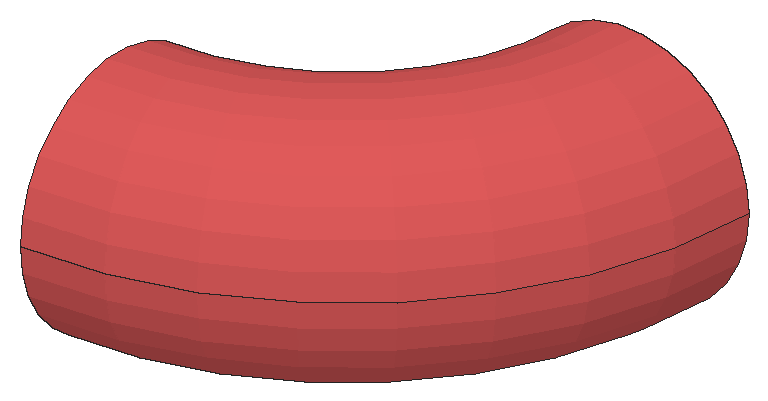
Revit family "Smu_CurvaLonga", category Pipe Fittings, Revit 2025
Family settings
  Round Connector Dimension = Use Diameter
  Part Type = Elbow
  Work Plane-Based = No
  Always vertical = Yes
  Cut with Voids When Loaded = No
  Shared = Yes
Parameters
  Nominal Diameter [instance] = 100.0 mm
  Material_Conexao [instance] = FoFo_SMU
  Manufacturer = "SGC"
  Loss Method = Not Defined
  Tabela [instance] = "Smu_CurvaLonga"
  Description = "Curva Longa sistema SMU"
  Default Elevation = 0.0 mm
  Curva_Tipo [instance] = "\"Longa\""
  Corpo_T [instance] = size_lookup(Tabela, "Corpo_T", "Longa", Nominal Diameter, Angle)  # "Longa"
  Corpo_R [instance] = if(Corpo_A = 90.00°, Corpo_L, Corpo_L / tan(A2))  # 278.04 mm
  Corpo_L [instance] = size_lookup(Tabela, "Corpo_L", 290.0 mm, Nominal Diameter, Angle)  # 268.5 mm
  Corpo_A [instance] = size_lookup(Tabela, "Corpo_A", 88.00°, Nominal Diameter, Angle)  # 88.00°
  Angle [instance] = 88.00°
  A2 [instance] = Angle / 2  # 44.00°
Reference planes
  plane 1 "Center (Front/Back)": y = 0
  plane 2: z = 0
  plane 3 "Center (Left/Right)": x = -120
  plane 4: x = -388.5
  plane 5: y = 278.04
Forms (mm)
  Sweep 1, solid, material "FoFo_SMU" <- "Material_Conexao"
    path origin (0, 0, 0) x (1, 0, 0) y (0, 1, 0)
      loop
        arc (-388.5, 0) -> (-195.357, 78.035) -> (-110.629, 268.336) r 278.04
    profile origin (-195.357, 78.035, 0) x (-0.694658, 0.71934, 0) y (0, 0, 1)
      loop
        circle (0, 0) r 116.4
Lines and regions (mm)
  reference lines
    curve 1: line (-388.5, 0, 0) -> (-120, 0, 0)
    curve 2: line (-120, 0, 0) -> (-110.629, 268.336, 0)
Dimensions and locks
  "Corpo_L": plane 4 to plane 3 "Center (Left/Right)"
  "Corpo_R": plane 5 to plane 1 "Center (Front/Back)"
  "Corpo_L": curve 1 to curve 1
  "Corpo_L": curve 2 to curve 2
  "Corpo_R": radius of Sweep 1 sketch curve
  radius of Sweep 1 sketch curve = 116.4 mm
  "Angle": angle Sweep 1 sketch curve to Sweep 1 sketch curve
  "Angle": angle plane 1 "Center (Front/Back)" to curve 2
  aligned and locked: Sweep 1 sketch curve to plane 4
  aligned and locked: plane 3 "Center (Left/Right)" to curve 2
  aligned and locked: plane 1 "Center (Front/Back)" to curve 2
  aligned and locked: Sweep 1 to curve 2
Automatic sketch dimensions
  Sweep 1 sketch curve to level = 0.0 mm
  Sweep 1 sketch curve to profile plane = 0.0 mm
  plane 1 "Center (Front/Back)" to Sweep 1 sketch curve = 0.0 mm
Connectors
  piping at (-110.629, 268.336, 0), diameter 100, driven by "Nominal Diameter", driven by "Angle"
    settings: on Sweep 1, index 1, connector inside diameter 609.6 mm, connector length 0.0 mm, flow factor 0, pipe flow 0 GPM, pressure drop 0.00 psi, fitting loss kfactor 0, connector angle 88.00°, fixture units 0, engagement length 0.0 mm, angle of deflection 0.00°, flow configuration 0, flow direction 0, fitting loss method 0, system type 28, joint type 0, gender type 0, connector reference index -1, connector utility 0, adjustable connector no, is connector primary yes, connector description ""
  piping at (-388.5, 0, 0), diameter 100, driven by "Nominal Diameter", driven by "Angle"
    settings: on Sweep 1, index 2, connector inside diameter 609.6 mm, connector length 0.0 mm, flow factor 0, pipe flow 0 GPM, pressure drop 0.00 psi, fitting loss kfactor 0, connector angle 88.00°, fixture units 0, engagement length 0.0 mm, angle of deflection 0.00°, flow configuration 0, flow direction 0, fitting loss method 0, system type 28, joint type 0, gender type 0, connector reference index -1, connector utility 0, adjustable connector no, is connector primary no, connector description ""
